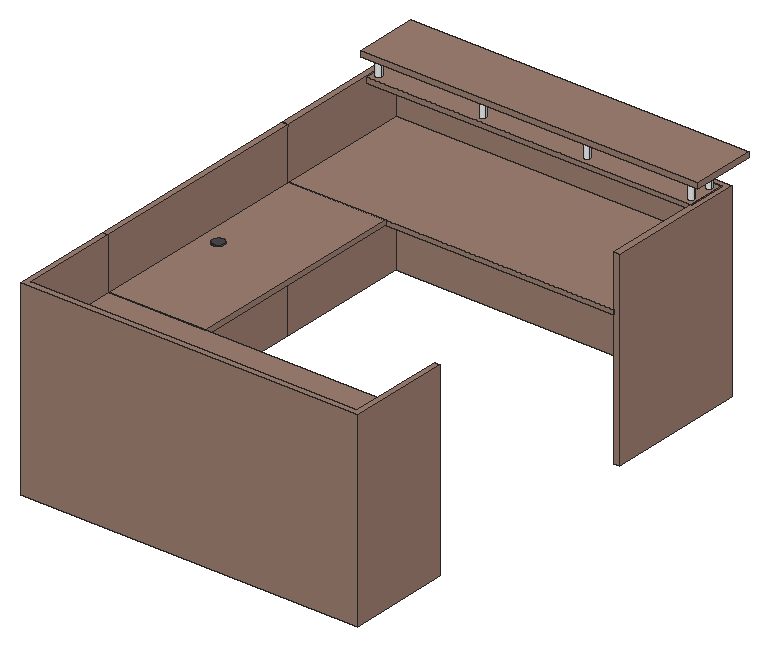
Revit family "100119", category Furniture, Revit 2018
Family settings
  OmniClass Number = 23.40.20.00
  OmniClass Title = General Furniture and Specialties
  Work Plane-Based = No
  Always vertical = Yes
  Cut with Voids When Loaded = No
  Shared = No
  Room Calculation Point = No
Reference planes (in)
  plane 1 "Center Front/Back": y = 0
  plane 2: z = 0
  plane 3 "Center Left/Right": x = 0
Dimensions and locks (in)
  aligned and locked: level to plane 2
Nested families (in)
  nested 1: "OFS ELEMENT U DESK 72in Width 48in Bridge" at (0, 40, 0), type "ELEMENT U DESK LEFT 72in Width, 48In Bridge"
    with Desk Overlay Option yes
Definition of nested family "OFS ELEMENT U DESK 72in Width 48in Bridge"
  Parameters (values of type "ELEMENT U DESK LEFT 72in Width, 48In Bridge")
    Worksurface Material = none
    Width = 6' - 0"
    URL = "http://www.ofsbrands.com/"
    Transaction Shelf Material = none
    Table Supp from Lateral = 0' - 2 5/8"
    Table Supp from Center = 0' - 11 1/8"
    Table Depth = 1' - 1 1/2"
    Right Bridge Option = no
    Return Worksurface Width = 1' - 10"
    Model = "EL-T72LU48"
    Manufacturer = "OFS"
    Left Bridge Option = yes
    Lateral Board Thickness = 0' - 1 3/16"
    Height = 3' - 9"
    Standoffs Material = none
    Groomet Material = none
    Desk Overlay Thickness = 0' - 0 1/8"
    Desk Overlay Option [instance] = yes
    Desk Overlay Material = none
    Desk Overlay = 0' - 6 1/2"
    Description = "OFS BRANDS OFS ELEMENT U DESK LEFT BRIDGE 72\" Width, 72\"W x 34.3125\"D DESK, 48\"W x 22\"D BRIDGE, 72\"W x 22\"D CREDENZA."
    Desk Depth = 2' - 10 5/16"
    Depth = 8' - 8 5/16"
    Credenza Depth = 1' - 10"
    Copyright © = "© 2018 OFS BRANDS"
    Catalog = "http://ofs.com/products/casegoods/reception/element"
    Bottom Board Offset = 0' - 0"
    Chassis Material = none
    Base Depth = 2' - 6"
    Back Board Thickness = 0' - 1 3/16"
    Authoring Version = "Autodesk Revit Architecture 2013"
    Assembly Code = "E2020200"
  Types (3): name | Right Bridge Option | Model | Left Bridge Option | Description
    (no name) | no | "EL-T72LU48" | yes | "OFS BRANDS OFS ELEMENT U DESK LEFT BRIDGE 72\" Width, 72\"W x 34.3125\"D DESK, 48\"W x 22\"D BRIDGE, 72\"W x 22\"D CREDENZA."
    ELEMENT U DESK LEFT 72in Width, 48In Bridge | no | "EL-T72LU48" | yes | "OFS BRANDS OFS ELEMENT U DESK LEFT BRIDGE 72\" Width, 72\"W x 34.3125\"D DESK, 48\"W x 22\"D BRIDGE, 72\"W x 22\"D CREDENZA."
    ELEMENT U DESK RIGHT 72in Width, 48In Bridge | yes | "EL-T72RU48" | no | "OFS BRANDS OFS ELEMENT U DESK RIGHT BRIDGE 72\" Width, 72\"W x 34.3125\"D DESK, 48\"W x 22\"D BRIDGE, 72\"W x 22\"D CREDENZA."
  Reference planes (in)
    plane 1 "Center Front/Back": y = 0
    plane 2: z = 0
    plane 3 "Center Left/Right": x = 0
    plane 4 "Back External": y = 17.15625
    plane 5 "Right External": x = 36
    plane 6 "Front External": y = -17.15625
    plane 7 "Left External": x = -36
    plane 8 "Seat Height": z = 29.5
    plane 9 "Height": z = 45
    plane 10: x = 34.8125
    plane 11: x = -34.8125
    plane 12: y = 12.84375
    plane 13: y = 11.65625
    plane 14: y = 3.65625
    plane 15: z = 40.5
    plane 16: z = 28.5
    plane 17: z = 43.875
    plane 18: z = 39.375
    plane 19: z = 0
    plane 20: x = -33.375
    plane 21: x = -11.125
    plane 22: x = 33.375
    plane 23: x = 11.125
    plane 24: x = 29.5
    plane 25: x = -29.5
    plane 26: z = 6.5
    plane 27: z = 34
    plane 28: y = 12.96875
    plane 29: y = -65.15625
    plane 30: x = -14
    plane 31: x = 14
    plane 32: x = -31
    plane 33: x = 31
    plane 34: y = -40.5625
    plane 35: y = -87.15625
    plane 36: y = -85.96875
    plane 37: y = -82.15625
  Forms (in)
    Extrusion 1, solid, material <- "Worksurface Material"
      sketch origin (0, 0, 0) x (1, 0, 0) y (0, 1, 0)
        loop
          line (-34.8125, 11.65625) -> (-34.8125, -17.15625) -> (34.8125, -17.15625) -> (34.8125, 11.65625) -> (-34.8125, 11.65625)
      from 28.5 to 29.5
    Extrusion 2, solid, material <- "Chassis Material"
      sketch origin (0, 0, 0) x (1, 0, 0) y (0, 1, 0)
        loop
          line (-36, -17.15625) -> (-34.8125, -17.15625) -> (-34.8125, 11.65625) -> (34.8125, 11.65625) -> (34.8125, -17.15625) -> (36, -17.15625) -> (36, 12.84375) -> (-36, 12.84375) -> (-36, -17.15625)
      from 0 to 40.5
    Extrusion 3, solid, material <- "Chassis Material"
      sketch origin (0, 0, 6) x (1, 0, 0) y (0, 1, 0)
        loop
          line (-34.8125, 11.65625) -> (-34.8125, 3.65625) -> (34.8125, 3.65625) -> (34.8125, 11.65625) -> (-34.8125, 11.65625)
      from 33.375 to 34.5
    Extrusion 4, solid, material <- "Transaction Shelf Material"
      sketch origin (0, 0, 6) x (1, 0, 0) y (0, 1, 0)
        loop
          line (-36, 17.15625) -> (-36, 3.65625) -> (36, 3.65625) -> (36, 17.15625) -> (-36, 17.15625)
      from 37.875 to 39
    Extrusion 5, solid, material <- "Standoffs Material"
      sketch origin (0, 0, 0) x (1, 0, 0) y (0, 1, 0)
        loop
          circle (-33.375, 10.04085) r 0.625
      from 40.5 to 43.875
    Extrusion 6, solid, material <- "Standoffs Material"
      sketch origin (0, -4.75, 0) x (1, 0, 0) y (0, 1, 0)
        loop
          circle (-33.375, 10.04085) r 0.625
      from 40.5 to 43.875
    Extrusion 7, solid, material <- "Standoffs Material"
      sketch origin (22.25, 0, 0) x (1, 0, 0) y (0, 1, 0)
        loop
          circle (-33.375, 10.04085) r 0.625
      from 40.5 to 43.875
    Extrusion 8, solid, material <- "Standoffs Material"
      sketch origin (22.25, -4.75, 0) x (1, 0, 0) y (0, 1, 0)
        loop
          circle (-33.375, 10.04085) r 0.625
      from 40.5 to 43.875
    Extrusion 9, solid, material <- "Standoffs Material"
      sketch origin (44.5, 0, 0) x (1, 0, 0) y (0, 1, 0)
        loop
          circle (-33.375, 10.04085) r 0.625
      from 40.5 to 43.875
    Extrusion 10, solid, material <- "Standoffs Material"
      sketch origin (44.5, -4.75, 0) x (1, 0, 0) y (0, 1, 0)
        loop
          circle (-33.375, 10.04085) r 0.625
      from 40.5 to 43.875
    Extrusion 11, solid, material <- "Standoffs Material"
      sketch origin (66.75, 0, 0) x (1, 0, 0) y (0, 1, 0)
        loop
          circle (-33.375, 10.04085) r 0.625
      from 40.5 to 43.875
    Extrusion 12, solid, material <- "Standoffs Material"
      sketch origin (66.75, -4.75, 0) x (1, 0, 0) y (0, 1, 0)
        loop
          circle (-33.375, 10.04085) r 0.625
      from 40.5 to 43.875
    Extrusion 13, solid, material <- "Desk Overlay Material", visible <- "Desk Overlay Option"
      sketch origin (0, 0, 0) x (1, 0, 0) y (0, 0, 1)
        loop
          line (29.5, 34) -> (-29.5, 34) -> (-29.5, 6.5) -> (29.5, 6.5) -> (29.5, 34)
      from -12.96875 to -12.84375
    Extrusion 14, solid, material <- "Chassis Material", visible <- "Left Bridge Option"
      sketch origin (0, 0, 0) x (1, 0, 0) y (0, 1, 0)
        loop
          line (-36, -17.15625) -> (-36, -65.15625) -> (-34.8125, -65.15625) -> (-34.8125, -17.15625) -> (-36, -17.15625)
      from 0 to 40.5
    Extrusion 15, solid, material <- "Worksurface Material", visible <- "Left Bridge Option"
      sketch origin (14.83926, -32.43958, 0) x (1, 0, 0) y (0, 1, 0)
        loop
          line (-49.65176, 15.28333) -> (-49.65176, -32.71667) -> (-28.83926, -32.71667) -> (-28.83926, 15.28333) -> (-49.65176, 15.28333)
      from 28.5 to 29.5
    Extrusion 16, solid, material <- "Chassis Material", visible <- "Right Bridge Option"
      sketch origin (0, 0, 0) x (-1, 0, 0) y (0, -1, 0)
        loop
          line (-36, 17.15625) -> (-34.8125, 17.15625) -> (-34.8125, 65.15625) -> (-36, 65.15625) -> (-36, 17.15625)
      from 0 to 40.5
    Extrusion 17, solid, material <- "Worksurface Material", visible <- "Right Bridge Option"
      sketch origin (-14.83926, -32.43958, 0) x (-1, 0, 0) y (0, -1, 0)
        loop
          line (-49.65176, -15.28333) -> (-28.83926, -15.28333) -> (-28.83926, 32.71667) -> (-49.65176, 32.71667) -> (-49.65176, -15.28333)
      from 28.5 to 29.5
    Extrusion 18, solid, material <- "Groomet Material", visible <- "Left Bridge Option"
      sketch origin (0, 0, 0) x (1, 0, 0) y (0, 1, 0)
        loop
          circle (-31, -40.5625) r 1.25
      from 29.5 to 29.625
    Extrusion 19, solid, material <- "Groomet Material", visible <- "Right Bridge Option"
      sketch origin (0, 0, 0) x (-1, 0, 0) y (0, -1, 0)
        loop
          circle (-31, 40.5625) r 1.25
      from 29.5 to 29.625
    Extrusion 20, solid, material <- "Chassis Material"
      sketch origin (0, -82.3125, 0) x (1, 0, 0) y (0, 1, 0)
        loop
          line (-36, 17.15625) -> (-36, -4.84375) -> (36, -4.84375) -> (36, 17.15625) -> (34.8125, 17.15625) -> (34.8125, -3.65625) -> (-34.8125, -3.65625) -> (-34.8125, 17.15625) -> (-36, 17.15625)
      from 0 to 40.5
    Extrusion 21, solid, material <- "Worksurface Material"
      sketch origin (0, -82.3125, 0) x (1, 0, 0) y (0, 1, 0)
        loop
          line (-34.8125, -3.65625) -> (34.8125, -3.65625) -> (34.8125, 17.15625) -> (-34.8125, 17.15625) -> (-34.8125, -3.65625)
      from 28.5 to 29.5
    Extrusion 22, solid, material <- "Groomet Material"
      sketch origin (31, -41.59375, 0) x (1, 0, 0) y (0, 1, 0)
        loop
          circle (-31, -40.5625) r 1.25
      from 29.5 to 29.625
  Dimensions and locks (in)
    equal spacing: plane 7 "Left External", plane 3 "Center Left/Right", plane 5 "Right External"
    "Width": plane 7 "Left External" to plane 5 "Right External"
    equal spacing: plane 6 "Front External", plane 1 "Center Front/Back", plane 4 "Back External"
    "Desk Depth": plane 4 "Back External" to plane 6 "Front External"
    plane 8 "Seat Height" to level = 2' - 5 1/2"
    "Height": plane 9 "Height" to level
    "Lateral Board Thickness": plane 7 "Left External" to plane 11
    "Lateral Board Thickness": plane 10 to plane 5 "Right External"
    "Base Depth": plane 12 to plane 6 "Front External"
    "Back Board Thickness": plane 12 to plane 13
    "Table Depth": plane 4 "Back External" to plane 14
    plane 15 to level = 3' - 4 1/2"
    "Bottom Board Offset": plane 19 to level
    "Table Supp from Lateral": plane 7 "Left External" to plane 20
    "Table Supp from Center": plane 21 to plane 3 "Center Left/Right"
    "Table Supp from Lateral": plane 5 "Right External" to plane 22
    "Table Supp from Center": plane 23 to plane 3 "Center Left/Right"
    "Desk Overlay": plane 5 "Right External" to plane 24
    "Desk Overlay": plane 25 to plane 7 "Left External"
    plane 25 to plane 24 = 4' - 11"
    "Desk Overlay": plane 27 to plane 15
    "Desk Overlay": plane 19 to plane 26
    "Desk Overlay Thickness": plane 28 to plane 12
    "Depth": plane 4 "Back External" to plane 35
    "Return Worksurface Width": plane 7 "Left External" to plane 30
    "Return Worksurface Width": plane 31 to plane 5 "Right External"
    plane 7 "Left External" to plane 32 = 0' - 5"
    plane 33 to plane 5 "Right External" = 0' - 5"
    plane 6 "Front External" to plane 34 = 1' - 11 13/32"
    "Credenza Depth": plane 29 to plane 35
    "Back Board Thickness": plane 35 to plane 36
    plane 35 to plane 37 = 0' - 5"
    aligned and locked: level to plane 2
    aligned and locked: Extrusion 1 sketch curve to plane 13
    aligned and locked: Extrusion 1 sketch curve to plane 11
    aligned and locked: plane 6 "Front External" to Extrusion 1 sketch curve
    aligned and locked: Extrusion 1 sketch curve to plane 10
    aligned and locked: plane 7 "Left External" to Extrusion 2 sketch curve
    aligned and locked: Extrusion 2 sketch curve to Extrusion 1  (x3)
    aligned and locked: plane 12 to Extrusion 2 sketch curve
    aligned and locked: plane 5 "Right External" to Extrusion 2 sketch curve
    aligned and locked: Extrusion 1 to Extrusion 2 sketch curve
    aligned and locked: Extrusion 2 sketch curve to plane 13
    aligned and locked: Extrusion 2 to plane 19
    aligned and locked: Extrusion 1 to plane 16
    aligned and locked: plane 8 "Seat Height" to Extrusion 1
    aligned and locked: Extrusion 3 to plane 18
    aligned and locked: plane 11 to Extrusion 3
    aligned and locked: plane 10 to Extrusion 3
    aligned and locked: plane 13 to Extrusion 3
    aligned and locked: Extrusion 3 to plane 14
    aligned and locked: Extrusion 4 to plane 14
    aligned and locked: plane 4 "Back External" to Extrusion 4
    aligned and locked: plane 9 "Height" to Extrusion 4
    aligned and locked: Extrusion 4 to plane 17
    aligned and locked: plane 5 "Right External" to Extrusion 4
    aligned and locked: Extrusion 4 to plane 7 "Left External"
    aligned and locked: Extrusion 13 sketch curve to plane 27
    aligned and locked: Extrusion 13 sketch curve to plane 24
    aligned and locked: Extrusion 13 sketch curve to plane 26
    aligned and locked: Extrusion 13 sketch curve to plane 25
    aligned and locked: Extrusion 13 to plane 12
    aligned and locked: Extrusion 13 to plane 28
    aligned and locked: plane 29 to Extrusion 14 sketch curve
    aligned and locked: Extrusion 14 sketch curve to plane 6 "Front External"
    aligned and locked: plane 11 to Extrusion 15
    aligned and locked: plane 6 "Front External" to Extrusion 15
    aligned and locked: Extrusion 15 to plane 30
    aligned and locked: plane 6 "Front External" to Extrusion 17
    aligned and locked: Extrusion 17 to plane 31
    aligned and locked: plane 10 to Extrusion 17
    aligned and locked: plane 6 "Front External" to Extrusion 16
    aligned and locked: Extrusion 16 to plane 10
    aligned and locked: plane 5 "Right External" to Extrusion 16
    aligned and locked: Extrusion 16 to plane 29
    aligned and locked: Extrusion 14 to plane 19
    aligned and locked: Extrusion 16 to plane 19
    aligned and locked: plane 15 to Extrusion 16
    aligned and locked: plane 15 to Extrusion 14
    aligned and locked: Extrusion 15 to plane 29
    aligned and locked: Extrusion 17 to plane 29
    aligned and locked: Extrusion 20 sketch curve to plane 35
    aligned and locked: plane 36 to Extrusion 20 sketch curve
  Automatic sketch dimensions
    Extrusion 3 sketch curve to plane 11 = 0' - 0"
    Extrusion 3 sketch curve to plane 10 = 0' - 0"
    Extrusion 3 sketch curve to plane 14 = 0' - 0"
    Extrusion 3 sketch curve to plane 13 = 0' - 0"
    Extrusion 4 sketch curve to plane 7 "Left External" = 0' - 0"
    Extrusion 4 sketch curve to plane 5 "Right External" = 0' - 0"
    Extrusion 4 sketch curve to plane 14 = 0' - 0"
    Extrusion 4 sketch curve to plane 4 "Back External" = 0' - 0"
    Extrusion 5 sketch curve to plane 20 = 0' - 0"
    Extrusion 5 sketch curve to plane 13 = 0' - 1.6154"
    Extrusion 6 sketch curve to plane 20 = 0' - 0"
    plane 14 to Extrusion 6 sketch curve = 0' - 1.6346"
    Extrusion 7 sketch curve to plane 21 = 0' - 0"
    Extrusion 7 sketch curve to plane 13 = 0' - 1.6154"
    Extrusion 8 sketch curve to plane 21 = 0' - 0"
    plane 14 to Extrusion 8 sketch curve = 0' - 1.6346"
    Extrusion 9 sketch curve to plane 23 = 0' - 0"
    Extrusion 9 sketch curve to plane 13 = 0' - 1.6154"
    Extrusion 10 sketch curve to plane 23 = 0' - 0"
    plane 14 to Extrusion 10 sketch curve = 0' - 1.6346"
    Extrusion 11 sketch curve to plane 22 = 0' - 0"
    Extrusion 11 sketch curve to plane 13 = 0' - 1.6154"
    Extrusion 12 sketch curve to plane 22 = 0' - 0"
    plane 14 to Extrusion 12 sketch curve = 0' - 1.6346"
    Extrusion 14 sketch curve to plane 7 "Left External" = 0' - 0"
    Extrusion 14 sketch curve to plane 11 = 0' - 0"
    Extrusion 15 sketch curve to plane 11 = 0' - 0"
    Extrusion 15 sketch curve to plane 29 = 0' - 0"
    Extrusion 15 sketch curve to plane 30 = 0' - 0"
    Extrusion 15 sketch curve to plane 6 "Front External" = 0' - 0"
    Extrusion 16 sketch curve to plane 5 "Right External" = 0' - 0"
    Extrusion 16 sketch curve to plane 10 = 0' - 0"
    Extrusion 16 sketch curve to plane 29 = 0' - 0"
    Extrusion 16 sketch curve to plane 6 "Front External" = 0' - 0"
    Extrusion 17 sketch curve to plane 10 = 0' - 0"
    Extrusion 17 sketch curve to plane 29 = 0' - 0"
    Extrusion 17 sketch curve to plane 31 = 0' - 0"
    Extrusion 17 sketch curve to plane 6 "Front External" = 0' - 0"
    Extrusion 18 sketch curve to plane 32 = 0' - 0"
    Extrusion 18 sketch curve to plane 34 = 0' - 0"
    Extrusion 19 sketch curve to plane 33 = 0' - 0"
    Extrusion 19 sketch curve to plane 34 = 0' - 0"
    Extrusion 20 sketch curve to plane 7 "Left External" = 0' - 0"
    Extrusion 20 sketch curve to plane 11 = 0' - 0"
    Extrusion 20 sketch curve to plane 10 = 0' - 0"
    Extrusion 20 sketch curve to plane 5 "Right External" = 0' - 0"
    Extrusion 20 sketch curve to plane 29 = 0' - 0"  (x2)
    Extrusion 21 sketch curve to plane 11 = 0' - 0"
    Extrusion 21 sketch curve to plane 10 = 0' - 0"
    Extrusion 21 sketch curve to plane 29 = 0' - 0"
    plane 36 to Extrusion 21 sketch curve = 0' - 0"
    Extrusion 22 sketch curve to plane 3 "Center Left/Right" = 0' - 0"
    Extrusion 22 sketch curve to plane 37 = 0' - 0"
    radius of Extrusion 5 sketch curve = 0' - 0 5/8"
    radius of Extrusion 6 sketch curve = 0' - 0 5/8"
    radius of Extrusion 7 sketch curve = 0' - 0 5/8"
    radius of Extrusion 8 sketch curve = 0' - 0 5/8"
    radius of Extrusion 9 sketch curve = 0' - 0 5/8"
    radius of Extrusion 10 sketch curve = 0' - 0 5/8"
    radius of Extrusion 11 sketch curve = 0' - 0 5/8"
    radius of Extrusion 12 sketch curve = 0' - 0 5/8"
    radius of Extrusion 18 sketch curve = 0' - 1 1/4"
    radius of Extrusion 19 sketch curve = 0' - 1 1/4"
    radius of Extrusion 22 sketch curve = 0' - 1 1/4"
